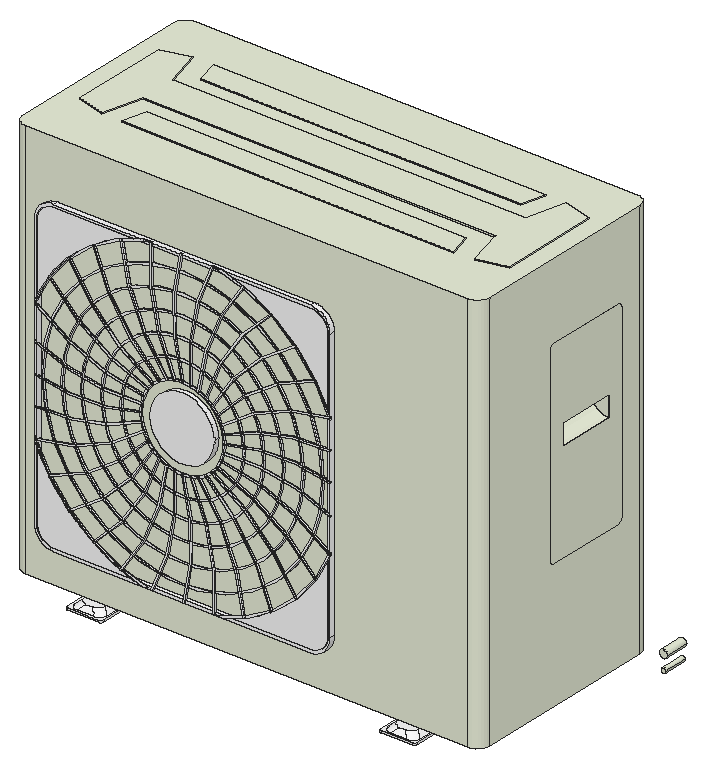
Revit family "ККБ REA I2 10 инвертор", category Оборудование, Revit 2022
Family settings
  Размер круглого соединителя = Использовать радиус
  Тип детали = Нормальный
  Номер OmniClass = 23.75.00.00
  Заголовок OmniClass = Climate Control (HVAC)
  На основе рабочей плоскости = Нет
  Всегда вертикально = Да
  При загрузке вырезать с полостями = Нет
  Сохранять ориентацию аннотаций = Нет
  Общий = Нет
  Точка принадлежности помещению = Нет
Parameters (values of type "ККБ REA I2 10 инвертор")
  Отметка по умолчанию = 0.000 mm
  clearance access right = 600.000 mm
  clearance access left = 300.000 mm
  clearance access front = 2000.000 mm
  clearance access behind = 300.000 mm
  clearance [instance] = no
  Width = 950.000 mm
  Series = "CCU"
  Power supply = "220-240V 1Ph~50Hz/60Hz"
  Net Weight = 59.50 kg
  Группа модели = "ККБ REA I2 10 инвертор"
  Minimum Circuit Amps = 28.75 A
  Min cable selection (power wiring) = "3×4 mm2"
  Maximum Fuse Amps = 32 A
  Изготовитель = "WAER"  # constant formula
  Liquid pipe Radius = 0.5 * Liquid pipe  # 4.765 mm
  Liquid pipe = 9.530 mm
  Installation = "Outdoor installation"
  Height = 840.000 mm
  Heating Power Input = 3.15 kW
  Heating Capacity = 12.00 kW
  Gas pipe Radius = 0.5 * Gas pipe  # 7.950 mm
  Gas pipe = 15.900 mm
  Gas = "R410A"
  Описание = "High efficiency air cooled"
  Depth = 440.000 mm
  Cooling Power Input = 2.66 kW
  Cooling Capacity = 10.00 kW
  Condensation = "Air"
  Compressor = "1"
  Casing color = "SB2098"
  Air Flow = 5200.00 m³/h
Reference planes
  plane 1 "Center (Front/Back)": y = 0
  plane 2: z = 0
  plane 3 "Center (Left/Right)": x = 0
  plane 4: y = 221
  plane 5: y = -139
  plane 6: x = -473
  plane 7: x = 473
  plane 8: z = 406.5
  plane 9: z = 300.608
  plane 10: z = 840
  plane 11: x = 557
Forms (mm)
  Extrusion 1, solid, material "Galvanized Steel", detail levels medium+fine
    sketch origin (-463, 0, 789) x (1, 0, 0) y (0, 1, 0)
      loop
        line (911, 240) -> (15, 240)
        arc (15, 240) -> (-2.678, 232.678) -> (-10, 215) r 25
        line (-10, 215) -> (-10, -165)
        arc (-10, -165) -> (-2.678, -182.678) -> (15, -190) r 25
        line (15, -190) -> (911, -190)
        arc (911, -190) -> (928.678, -182.678) -> (936, -165) r 25
        line (936, -165) -> (936, 215)
        arc (936, 215) -> (928.678, 232.678) -> (911, 240) r 25
    from -765 to 49
  Extrusion 2, void
    sketch origin (0, 0, 0) x (1, 0, 0) y (0, 0, 1)
      loop
        circle (-122.999, 406.499) r 286
    from 100 to 177
  Extrusion 3, solid, material "Galvanized Steel", detail levels fine
    sketch origin (0, 20, 0) x (1, 0, 0) y (0, 1, 0)
      loop
        line (-436.632, 111.286) -> (-436.632, -88.714) -> (-378.677, -104.243) -> (-357.971, -26.969) -> (0, -26.969) -> (357.971, -26.969) -> (378.677, -104.243) -> (436.632, -88.714) -> (436.632, 111.286) -> (378.677, 126.816) -> (357.971, 49.542) -> (0, 49.542) -> (-357.971, 49.542) -> (-378.677, 126.816) -> (-436.632, 111.286)
      loop
        line (-337.266, 126.816) -> (-324.511, 79.213) -> (0, 79.213) -> (324.511, 79.213) -> (337.266, 126.816) -> (0, 126.816) -> (-337.266, 126.816)
      loop
        line (-337.266, -106.816) -> (0, -106.816) -> (337.266, -106.816) -> (324.511, -59.213) -> (0, -59.213) -> (-324.511, -59.213) -> (-337.266, -106.816)
    from 838 to 840
  Extrusion 4, solid, material "Galvanized Steel", detail levels fine
    sketch origin (0, 5, 0) x (0, 1, 0) y (0, 0, 1)
      loop
        arc (-8.433, 685.069) -> (-15.504, 682.14) -> (-18.433, 675.069) r 10
        line (-18.433, 675.069) -> (-18.433, 295.069)
        arc (-18.433, 295.069) -> (-15.504, 287.998) -> (-8.433, 285.069) r 10
        line (-8.433, 285.069) -> (151.567, 285.069)
        arc (151.567, 285.069) -> (158.638, 287.998) -> (161.567, 295.069) r 10
        line (161.567, 295.069) -> (161.567, 675.069)
        arc (161.567, 675.069) -> (158.638, 682.14) -> (151.567, 685.069) r 10
        line (151.567, 685.069) -> (-8.433, 685.069)
    from 473 to 475
  Extrusion 5, solid, material "Galvanized Steel", detail levels fine
    sketch origin (-473, 221, 810) x (1, 0, 0) y (0, 0, -1)
      loop
        line (721.211, 499.033) -> (721.211, 179.033)
        arc (721.211, 179.033) -> (811.211, 89.033) -> (901.211, 179.033) r 90
        line (901.211, 179.033) -> (901.211, 499.033)
        arc (901.211, 499.033) -> (811.211, 589.033) -> (721.211, 499.033) r 90
    from -362 to -360
  Extrusion 6, void
    sketch origin (-438, -141, 810) x (1, 0, 0) y (0, 0, -1)
      loop
        line (731.52, 217.5) -> (811.52, 217.5) -> (811.52, 257.5) -> (731.52, 257.5) -> (731.52, 217.5)
    from 0 to 30.666
  Extrusion 7, void
    sketch origin (2, 0, 0) x (1, 0, 0) y (0, 0, 1)
      loop
        line (446.25, 532.035) -> (428.211, 532.035)
        arc (428.211, 532.035) -> (441.329, 500.364) -> (473, 487.246) r 44.789
        line (473, 487.246) -> (473, 532.035) -> (446.25, 532.035)
    from -137.024 to -16.461
  Extrusion 8, solid, material "Galvanized Steel"
    sketch origin (610.133, -190, 799) x (-1, 0, 0) y (0, 0, -1)
      loop
        circle (30.982, 736.541) r 4.765
    from -381 to -333.512
  Extrusion 9, solid, material "Galvanized Steel"
    sketch origin (610.133, -190, 829) x (-1, 0, 0) y (0, 0, -1)
      loop
        circle (30.982, 736.541) r 7.95
    from -381 to -333.512
Cuts and joins
  Extrusion 2, Extrusion 6, Extrusion 7 cuts Extrusion 1
  Extrusion 6 cuts Extrusion 5
  Extrusion 7 cuts Extrusion 4
Lines and regions (mm)
  model lines
    curve 1: line (-473, 221, 24) -> (-473, -139, 24)
    curve 2: line (473, 221, 24) -> (-473, 221, 24)
    curve 3: line (473, -139, 24) -> (473, 221, 24)
    curve 4: line (-473, -139, 24) -> (473, -139, 24)
    curve 5: line (473, 221, 838) -> (473, 221, 24)
    curve 6: line (-473, 221, 24) -> (-473, 221, 838)
    curve 7: line (625.133, -190, 838) -> (625.133, -190, 24)
    curve 8: line (-320.867, -190, 24) -> (-320.867, -190, 838)
    curve 9: line (473, -139, 838) -> (473, 221, 838)
    curve 10: line (473, 221, 838) -> (-473, 221, 838)
    curve 11: line (-473, 221, 838) -> (-473, -139, 838)
    curve 12: line (-473, -139, 838) -> (473, -139, 838)
Dimensions and locks
  aligned and locked: level to plane 2
Nested families
  nested 1: "xiaodijia2" at (318, 20, 0), type "xiaodijia2", detail levels medium+fine
  nested 2: "xiaodijia2" at (-318, 20, 0), type "xiaodijia2", detail levels medium+fine
  nested 3: "fengkou300（fangxing2）" at (-123, -200, 406.5) x (1, 0, 0) z (0, 1, 0), type "fengkou300（fangxing2）", detail levels medium+fine
  nested 4: "fengshan270" at (-122.996, -125, 406.5) x (0, 0, 1) z (0, -1, 0), type "fengshan270", detail levels fine
  nested 5: "service space" at (473, -200, 0), Height <- "Height", visible <- "clearance", type "Midea Service  Space"
    with Width 600.000 mm, Height 840.000 mm, Depth 440.000 mm
  nested 6: "service space" at (-773, -200, 0), Height <- "Height", visible <- "clearance", type "Midea Service  Space"
    with Width 300.000 mm, Height 840.000 mm, Depth 440.000 mm
  nested 7: "service space" at (-473, 240, 0), Height <- "Height", visible <- "clearance", type "Midea Service  Space"
    with Width 946.000 mm, Height 840.000 mm, Depth 300.000 mm
  nested 8: "service space" at (-473, -2200, 0), Height <- "Height", visible <- "clearance", type "Midea Service  Space"
    with Width 946.000 mm, Height 840.000 mm, Depth 2000.000 mm
Connectors
  electrical at (333.52, -141, 572.5)
    settings: on cut or joined group of Extrusion 5, Extrusion 6, index 1, voltage 220 V, apparent load 0 VA, apparent load phase1 0 VA, apparent load phase2 0 VA, apparent load phase3 0 VA, power factor 1, load classification "HVAC", number of poles 1, system type 30, power factor state 1, is connector primary yes, connector utility no, sub classification motor no, connector description ""
  piping at (579.151, 191, 62.459), diameter 9.53, driven by "Liquid pipe Radius"
    settings: on Extrusion 8, index 2, connector inside diameter 0.3752", connector length 0.000 mm, flow factor 0, pipe flow 0 GPM, pressure drop 0.00 psi, fitting loss kfactor 0, connector angle 0.00°, fixture units 0, engagement length 0.000 mm, angle of deflection 0.00°, flow configuration 0, flow direction 0, fitting loss method 0, system type 7, joint type 0, gender type 0, connector reference index -1, connector utility 0, adjustable connector no, is connector primary yes, connector description ""
  piping at (579.151, 191, 92.459), diameter 15.9, driven by "Gas pipe Radius"
    settings: on Extrusion 9, index 3, connector inside diameter 0.62598", connector length 0.000 mm, flow factor 0, pipe flow 0 GPM, pressure drop 0.00 psi, fitting loss kfactor 0, connector angle 0.00°, fixture units 0, engagement length 0.000 mm, angle of deflection 0.00°, flow configuration 0, flow direction 0, fitting loss method 0, system type 8, joint type 0, gender type 0, connector reference index -1, connector utility 0, adjustable connector no, is connector primary no, connector description ""
Definition of nested family "xiaodijia2"
  Parameters
    Default Elevation = 0.000 mm
  Reference planes
    plane 1 "Center (Front/Back)": y = 0
    plane 2: z = 0
    plane 3 "Center (Left/Right)": x = 0
    plane 4: y = 227
    plane 5: x = -36.5
    plane 6: x = 36.5
    plane 7: z = 12
    plane 8: z = 3
    plane 9: z = 24
    plane 10: y = -20
    plane 11: y = 20
    plane 12: x = 21.5
    plane 13: x = -21.5
    plane 14: y = 190
    plane 15: y = -190
    plane 16: x = -6
    plane 17: x = 6
    plane 18: y = -186
    plane 19: y = -194
  Forms (mm)
    Blend 1, solid
      base sketch origin (0, 0, 0) x (1, 0, 0) y (0, 1, 0)
        loop
          line (6.5, 212) -> (-6.5, 212)
          arc (-6.5, 212) -> (-17.107, 207.607) -> (-21.5, 197) r 15
          line (-21.5, 197) -> (-21.5, -197)
          arc (-21.5, -197) -> (-17.107, -207.607) -> (-6.5, -212) r 15
          line (-6.5, -212) -> (6.5, -212)
          arc (6.5, -212) -> (17.107, -207.607) -> (21.5, -197) r 15
          line (21.5, -197) -> (21.5, 197)
          arc (21.5, 197) -> (17.107, 207.607) -> (6.5, 212) r 15
      top sketch origin (0, 0, 0) x (1, 0, 0) y (0, 1, 0)
        loop
          line (26.5, 222) -> (-26.5, 222)
          arc (-26.5, 222) -> (-30.036, 220.536) -> (-31.5, 217) r 5
          line (-31.5, 217) -> (-31.5, -207)
          arc (-31.5, -207) -> (-27.107, -217.607) -> (-16.5, -222) r 15
          line (-16.5, -222) -> (16.5, -222)
          arc (16.5, -222) -> (27.107, -217.607) -> (31.5, -207) r 15
          line (31.5, -207) -> (31.5, 217)
          arc (31.5, 217) -> (30.036, 220.536) -> (26.5, 222) r 5
      from 12 to 3
    Blend 2, void
      base sketch origin (0, 0, 0) x (1, 0, 0) y (0, 1, 0)
        loop
          line (6.5, 202) -> (-6.5, 202)
          arc (-6.5, 202) -> (-10.036, 200.536) -> (-11.5, 197) r 5
          line (-11.5, 197) -> (-11.5, -197)
          arc (-11.5, -197) -> (-10.036, -200.536) -> (-6.5, -202) r 5
          line (-6.5, -202) -> (6.5, -202)
          arc (6.5, -202) -> (10.036, -200.536) -> (11.5, -197) r 5
          line (11.5, -197) -> (11.5, 197)
          arc (11.5, 197) -> (10.036, 200.536) -> (6.5, 202) r 5
      top sketch origin (0, 0, 0) x (1, 0, 0) y (0, 1, 0)
        loop
          line (31.5, -207) -> (31.5, 217)
          arc (31.5, 217) -> (30.036, 220.536) -> (26.5, 222) r 5
          line (26.5, 222) -> (-26.5, 222)
          arc (-26.5, 222) -> (-30.036, 220.536) -> (-31.5, 217) r 5
          line (-31.5, 217) -> (-31.5, -207)
          arc (-31.5, -207) -> (-27.107, -217.607) -> (-16.5, -222) r 15
          line (-16.5, -222) -> (16.5, -222)
          arc (16.5, -222) -> (27.107, -217.607) -> (31.5, -207) r 15
      from 8.355 to 3
    Extrusion 3, solid
      sketch origin (0, 0, 0) x (1, 0, 0) y (0, 1, 0)
        loop
          arc (-31.5, 227) -> (-35.036, 225.536) -> (-36.5, 222) r 5
          line (-36.5, 222) -> (-36.5, -222)
          arc (-36.5, -222) -> (-35.036, -225.536) -> (-31.5, -227) r 5
          line (-31.5, -227) -> (31.5, -227)
          arc (31.5, -227) -> (35.036, -225.536) -> (36.5, -222) r 5
          line (36.5, -222) -> (36.5, 222)
          arc (36.5, 222) -> (35.036, 225.536) -> (31.5, 227) r 5
          line (31.5, 227) -> (-31.5, 227)
        loop
          arc (-26.5, 222) -> (-30.036, 220.536) -> (-31.5, 217) r 5
          line (-31.5, 217) -> (-31.5, -207)
          arc (-31.5, -207) -> (-27.107, -217.607) -> (-16.5, -222) r 15
          line (-16.5, -222) -> (16.5, -222)
          arc (16.5, -222) -> (27.107, -217.607) -> (31.5, -207) r 15
          line (31.5, -207) -> (31.5, 217)
          arc (31.5, 217) -> (30.036, 220.536) -> (26.5, 222) r 5
          line (26.5, 222) -> (-26.5, 222)
      from 0 to 3
    Extrusion 4, solid
      sketch origin (0, 0, 0) x (0, 1, 0) y (0, 0, 1)
        loop
          arc (-19.275, 24) -> (-19.902, 23.667) -> (-20.264, 23.056) r 1.312
          line (-20.264, 23.056) -> (-22.833, 13.434)
          arc (-22.833, 13.434) -> (-23.437, 12.605) -> (-24.266, 12) r 3.318
          line (-24.266, 12) -> (24.266, 12)
          arc (24.266, 12) -> (23.437, 12.605) -> (22.833, 13.434) r 3.318
          line (22.833, 13.434) -> (20.264, 23.056)
          arc (20.264, 23.056) -> (19.902, 23.667) -> (19.275, 24) r 1.312
          line (19.275, 24) -> (-19.275, 24)
      from -21.5 to 21.5
    Extrusion 5, solid
      sketch origin (0, 150, 0) x (0, 1, 0) y (0, 0, 1)
        loop
          arc (-19.275, 24) -> (-19.902, 23.667) -> (-20.264, 23.056) r 1.312
          line (-20.264, 23.056) -> (-22.833, 13.434)
          arc (-22.833, 13.434) -> (-23.437, 12.605) -> (-24.266, 12) r 3.318
          line (-24.266, 12) -> (24.266, 12)
          arc (24.266, 12) -> (23.437, 12.605) -> (22.833, 13.434) r 3.318
          line (22.833, 13.434) -> (20.264, 23.056)
          arc (20.264, 23.056) -> (19.902, 23.667) -> (19.275, 24) r 1.312
          line (19.275, 24) -> (-19.275, 24)
      from -21.5 to 21.5
    Extrusion 6, solid
      sketch origin (0, -150, 0) x (0, 1, 0) y (0, 0, 1)
        loop
          arc (-19.275, 24) -> (-19.902, 23.667) -> (-20.264, 23.056) r 1.312
          line (-20.264, 23.056) -> (-22.833, 13.434)
          arc (-22.833, 13.434) -> (-23.437, 12.605) -> (-24.266, 12) r 3.318
          line (-24.266, 12) -> (24.266, 12)
          arc (24.266, 12) -> (23.437, 12.605) -> (22.833, 13.434) r 3.318
          line (22.833, 13.434) -> (20.264, 23.056)
          arc (20.264, 23.056) -> (19.902, 23.667) -> (19.275, 24) r 1.312
          line (19.275, 24) -> (-19.275, 24)
      from -21.5 to 21.5
    Extrusion 7, void
      sketch origin (0, 0, 0) x (1, 0, 0) y (0, 1, 0)
        loop
          arc (-6, -186) -> (-10, -190) -> (-6, -194) r 4
          line (-6, -194) -> (6, -194)
          arc (6, -194) -> (10, -190) -> (6, -186) r 4
          line (6, -186) -> (-6, -186)
        loop
          line (-6, 186) -> (6, 186)
          arc (6, 186) -> (10, 190) -> (6, 194) r 4
          line (6, 194) -> (-6, 194)
          arc (-6, 194) -> (-10, 190) -> (-6, 186) r 4
      from 0 to 20
  Cuts and joins
    Blend 2, Extrusion 7 cuts Blend 1
  Dimensions and locks
    aligned and locked: level to plane 2
Definition of nested family "fengkou300（fangxing2）"
  Parameters
    Default Elevation = 0.000 mm
    Series = ""
    Machine material = none
    Installation = ""
    Gas = ""
    Condensation = ""
  Reference planes
    plane 1 "Center (Front/Back)": y = 0
    plane 2: z = 0
    plane 3 "Center (Left/Right)": x = 0
    plane 4: y = 316
    plane 5: y = -316
    plane 6: x = -300
    plane 7: x = 300
    plane 8: through (306.104, -306.102, 1219.2) normal (-0.7071, -0.7071, 0)
    plane 9: through (-306.478, -306.479, 1219.2) normal (0.7071, -0.7071, 0)
  Forms (mm)
    Extrusion 1, solid, material <- "Machine material"
      sketch origin (0, 0, 0) x (1, 0, 0) y (0, 1, 0)
        loop
          arc (-260, 316) -> (-288.284, 304.284) -> (-300, 276) r 40
          line (-300, 276) -> (-300, -276)
          arc (-300, -276) -> (-288.284, -304.284) -> (-260, -316) r 40
          line (-260, -316) -> (260, -316)
          arc (260, -316) -> (288.284, -304.284) -> (300, -276) r 40
          line (300, -276) -> (300, 276)
          arc (300, 276) -> (288.284, 304.284) -> (260, 316) r 40
          line (260, 316) -> (-260, 316)
        loop
          line (260, 311) -> (-260, 311)
          arc (-260, 311) -> (-284.749, 300.749) -> (-295, 276) r 35
          line (-295, 276) -> (-295, -276)
          arc (-295, -276) -> (-284.749, -300.749) -> (-260, -311) r 35
          line (-260, -311) -> (260, -311)
          arc (260, -311) -> (284.749, -300.749) -> (295, -276) r 35
          line (295, -276) -> (295, 276)
          arc (295, 276) -> (284.749, 300.749) -> (260, 311) r 35
      from 0 to 10
    Extrusion 2, solid, material <- "Machine material"
      sketch origin (-1059.446, 0, 0) x (1, 0, 0) y (0, 1, 0)
        loop
          arc (1057.944, 325.999) -> (1075.678, 204.494) -> (1057.944, 82.989) r 425.111
          line (1057.944, 82.989) -> (1060.944, 82.989)
          arc (1060.944, 82.989) -> (1079.329, 204.494) -> (1060.944, 325.999) r 410.684
          line (1060.944, 325.999) -> (1057.944, 325.999)
        loop
          arc (1060.948, -325.999) -> (1043.214, -204.494) -> (1060.948, -82.989) r 425.111
          line (1060.948, -82.989) -> (1057.948, -82.989)
          arc (1057.948, -82.989) -> (1039.562, -204.494) -> (1057.948, -325.999) r 410.684
          line (1057.948, -325.999) -> (1060.948, -325.999)
        loop
          arc (1385.445, 1.502) -> (1263.939, -16.232) -> (1142.434, 1.502) r 425.111
          line (1142.434, 1.502) -> (1142.434, -1.498)
          arc (1142.434, -1.498) -> (1263.939, -19.884) -> (1385.445, -1.498) r 410.684
          line (1385.445, -1.498) -> (1385.445, 1.502)
        loop
          arc (733.447, -1.502) -> (854.952, 16.232) -> (976.457, -1.502) r 425.111
          line (976.457, -1.502) -> (976.457, 1.498)
          arc (976.457, 1.498) -> (854.952, 19.884) -> (733.447, 1.498) r 410.684
          line (733.447, 1.498) -> (733.447, -1.502)
        loop
          arc (1288.9, 231.578) -> (1215.522, 133.121) -> (1117.065, 59.744) r 425.111
          line (1117.065, 59.744) -> (1119.187, 57.623)
          arc (1119.187, 57.623) -> (1218.105, 130.539) -> (1291.021, 229.457) r 410.684
          line (1291.021, 229.457) -> (1288.9, 231.578)
        loop
          arc (829.992, -231.578) -> (903.369, -133.121) -> (1001.826, -59.744) r 425.111
          line (1001.826, -59.744) -> (999.705, -57.623)
          arc (999.705, -57.623) -> (900.787, -130.539) -> (827.871, -229.457) r 410.684
          line (827.871, -229.457) -> (829.992, -231.578)
        loop
          arc (1291.024, -229.454) -> (1192.567, -156.077) -> (1119.19, -57.62) r 425.111
          line (1119.19, -57.62) -> (1117.068, -59.741)
          arc (1117.068, -59.741) -> (1189.985, -158.659) -> (1288.903, -231.575) r 410.684
          line (1288.903, -231.575) -> (1291.024, -229.454)
        loop
          arc (827.868, 229.454) -> (926.325, 156.077) -> (999.702, 57.62) r 425.111
          line (999.702, 57.62) -> (1001.823, 59.741)
          arc (1001.823, 59.741) -> (928.907, 158.659) -> (829.989, 231.575) r 410.684
          line (829.989, 231.575) -> (827.868, 229.454)
        loop
          arc (1182.812, 301.758) -> (1152.699, 182.716) -> (1089.816, 77.246) r 425.111
          line (1089.816, 77.246) -> (1092.588, 76.098)
          arc (1092.588, 76.098) -> (1156.072, 181.318) -> (1185.584, 300.61) r 410.684
          line (1185.584, 300.61) -> (1182.812, 301.758)
        loop
          arc (936.079, -301.758) -> (966.193, -182.716) -> (1029.075, -77.246) r 425.111
          line (1029.075, -77.246) -> (1026.304, -76.098)
          arc (1026.304, -76.098) -> (962.819, -181.318) -> (933.308, -300.61) r 410.684
          line (933.308, -300.61) -> (936.079, -301.758)
        loop
          arc (1361.204, -123.366) -> (1242.162, -93.253) -> (1136.692, -30.371) r 425.111
          line (1136.692, -30.371) -> (1135.544, -33.142)
          arc (1135.544, -33.142) -> (1240.764, -96.626) -> (1360.056, -126.138) r 410.684
          line (1360.056, -126.138) -> (1361.204, -123.366)
        loop
          arc (757.687, 123.366) -> (876.73, 93.253) -> (982.199, 30.371) r 425.111
          line (982.199, 30.371) -> (983.347, 33.142)
          arc (983.347, 33.142) -> (878.127, 96.626) -> (758.835, 126.138) r 410.684
          line (758.835, 126.138) -> (757.687, 123.366)
        loop
          arc (1360.054, 126.142) -> (1254.585, 63.26) -> (1135.542, 33.146) r 425.111
          line (1135.542, 33.146) -> (1136.69, 30.375)
          arc (1136.69, 30.375) -> (1255.982, 59.886) -> (1361.203, 123.37) r 410.684
          line (1361.203, 123.37) -> (1360.054, 126.142)
        loop
          arc (758.837, -126.142) -> (864.307, -63.26) -> (983.349, -33.146) r 425.111
          line (983.349, -33.146) -> (982.201, -30.375)
          arc (982.201, -30.375) -> (862.909, -59.886) -> (757.689, -123.37) r 410.684
          line (757.689, -123.37) -> (758.837, -126.142)
        loop
          arc (1185.588, -300.609) -> (1122.706, -195.139) -> (1092.592, -76.097) r 425.111
          line (1092.592, -76.097) -> (1089.82, -77.245)
          arc (1089.82, -77.245) -> (1119.332, -196.537) -> (1182.816, -301.757) r 410.684
          line (1182.816, -301.757) -> (1185.588, -300.609)
        loop
          arc (933.304, 300.609) -> (996.186, 195.139) -> (1026.3, 76.097) r 425.111
          line (1026.3, 76.097) -> (1029.071, 77.245)
          arc (1029.071, 77.245) -> (999.56, 196.537) -> (936.075, 301.757) r 410.684
          line (936.075, 301.757) -> (933.304, 300.609)
        loop
          arc (1121.572, 320.028) -> (1115.261, 197.398) -> (1074.163, 81.687) r 425.111
          line (1074.163, 81.687) -> (1077.105, 81.102)
          arc (1077.105, 81.102) -> (1118.842, 196.685) -> (1124.514, 319.443) r 410.684
          line (1124.514, 319.443) -> (1121.572, 320.028)
        loop
          arc (997.32, -320.028) -> (1003.631, -197.398) -> (1044.729, -81.687) r 425.111
          line (1044.729, -81.687) -> (1041.786, -81.102)
          arc (1041.786, -81.102) -> (1000.049, -196.685) -> (994.378, -319.443) r 410.684
          line (994.378, -319.443) -> (997.32, -320.028)
        loop
          arc (1379.474, -62.126) -> (1256.843, -55.815) -> (1141.133, -14.717) r 425.111
          line (1141.133, -14.717) -> (1140.548, -17.659)
          arc (1140.548, -17.659) -> (1256.131, -59.396) -> (1378.888, -65.068) r 410.684
          line (1378.888, -65.068) -> (1379.474, -62.126)
        loop
          arc (739.418, 62.126) -> (862.048, 55.815) -> (977.759, 14.717) r 425.111
          line (977.759, 14.717) -> (978.344, 17.659)
          arc (978.344, 17.659) -> (862.761, 59.396) -> (740.003, 65.068) r 410.684
          line (740.003, 65.068) -> (739.418, 62.126)
        loop
          arc (1329.669, 182.364) -> (1238.494, 100.114) -> (1127.614, 47.355) r 425.111
          line (1127.614, 47.355) -> (1129.28, 44.861)
          arc (1129.28, 44.861) -> (1240.523, 97.078) -> (1331.336, 179.87) r 410.684
          line (1331.336, 179.87) -> (1329.669, 182.364)
        loop
          arc (789.222, -182.364) -> (880.397, -100.114) -> (991.278, -47.355) r 425.111
          line (991.278, -47.355) -> (989.611, -44.861)
          arc (989.611, -44.861) -> (878.369, -97.078) -> (787.556, -179.87) r 410.684
          line (787.556, -179.87) -> (789.222, -182.364)
        loop
          arc (1241.81, -270.223) -> (1159.56, -179.048) -> (1106.801, -68.168) r 425.111
          line (1106.801, -68.168) -> (1104.306, -69.835)
          arc (1104.306, -69.835) -> (1156.524, -181.077) -> (1239.316, -271.89) r 410.684
          line (1239.316, -271.89) -> (1241.81, -270.223)
        loop
          arc (877.082, 270.223) -> (959.332, 179.048) -> (1012.091, 68.168) r 425.111
          line (1012.091, 68.168) -> (1014.585, 69.835)
          arc (1014.585, 69.835) -> (962.368, 181.077) -> (879.576, 271.89) r 410.684
          line (879.576, 271.89) -> (877.082, 270.223)
        loop
          arc (1239.312, 271.893) -> (1186.553, 161.012) -> (1104.303, 69.837) r 425.111
          line (1104.303, 69.837) -> (1106.797, 68.17)
          arc (1106.797, 68.17) -> (1189.589, 158.984) -> (1241.806, 270.226) r 410.684
          line (1241.806, 270.226) -> (1239.312, 271.893)
        loop
          arc (879.58, -271.893) -> (932.339, -161.012) -> (1014.589, -69.837) r 425.111
          line (1014.589, -69.837) -> (1012.094, -68.17)
          arc (1012.094, -68.17) -> (929.303, -158.984) -> (877.085, -270.226) r 410.684
          line (877.085, -270.226) -> (879.58, -271.893)
        loop
          arc (1331.338, -179.866) -> (1220.458, -127.107) -> (1129.283, -44.857) r 425.111
          line (1129.283, -44.857) -> (1127.616, -47.351)
          arc (1127.616, -47.351) -> (1218.429, -130.143) -> (1329.672, -182.361) r 410.684
          line (1329.672, -182.361) -> (1331.338, -179.866)
        loop
          arc (787.553, 179.866) -> (898.434, 127.107) -> (989.609, 44.857) r 425.111
          line (989.609, 44.857) -> (991.275, 47.351)
          arc (991.275, 47.351) -> (900.462, 130.143) -> (789.22, 182.361) r 410.684
          line (789.22, 182.361) -> (787.553, 179.866)
        loop
          arc (1378.887, 65.072) -> (1263.177, 23.975) -> (1140.547, 17.664) r 425.111
          line (1140.547, 17.664) -> (1141.132, 14.721)
          arc (1141.132, 14.721) -> (1263.889, 20.393) -> (1379.473, 62.13) r 410.684
          line (1379.473, 62.13) -> (1378.887, 65.072)
        loop
          arc (740.004, -65.072) -> (855.715, -23.975) -> (978.345, -17.664) r 425.111
          line (978.345, -17.664) -> (977.76, -14.721)
          arc (977.76, -14.721) -> (855.002, -20.393) -> (739.419, -62.13) r 410.684
          line (739.419, -62.13) -> (740.004, -65.072)
        loop
          arc (1124.518, -319.442) -> (1083.42, -203.731) -> (1077.109, -81.101) r 425.111
          line (1077.109, -81.101) -> (1074.167, -81.686)
          arc (1074.167, -81.686) -> (1079.839, -204.444) -> (1121.576, -320.027) r 410.684
          line (1121.576, -320.027) -> (1124.518, -319.442)
        loop
          arc (994.373, 319.442) -> (1035.471, 203.731) -> (1041.782, 81.101) r 425.111
          line (1041.782, 81.101) -> (1044.725, 81.686)
          arc (1044.725, 81.686) -> (1039.053, 204.444) -> (997.316, 320.027) r 410.684
          line (997.316, 320.027) -> (994.373, 319.442)
      from 0 to 2
    Extrusion 3, solid, material <- "Machine material"
      sketch origin (-1059.446, 0, 0) x (1, 0, 0) y (0, 1, 0)
        loop
          circle (1059.448, 0) r 65
      from 0 to 20
    Extrusion 4, solid, material <- "Machine material"
      sketch origin (0, 0, 0) x (1, 0, 0) y (0, 1, 0)
        loop
          circle (0, 0.002) r 326
        loop
          circle (0, 0.002) r 323
        loop
          circle (0, 0.002) r 286
        loop
          circle (0, 0.002) r 283
        loop
          circle (0, 0.002) r 246
        loop
          circle (0, 0.002) r 243
        loop
          circle (0, 0.002) r 206
        loop
          circle (0, 0.002) r 203
        loop
          circle (0, 0.002) r 166
        loop
          circle (0, 0.002) r 163
        loop
          circle (0, 0.002) r 126
        loop
          circle (0, 0.002) r 123
        loop
          circle (0, 0.002) r 86
        loop
          circle (0, 0.002) r 83
      from 0 to 2
    Extrusion 5, void
      sketch origin (0, 0, 0) x (1, 0, 0) y (0, 1, 0)
        loop
          line (260, 316) -> (-260, 316)
          arc (-260, 316) -> (-288.284, 304.284) -> (-300, 276) r 40
          line (-300, 276) -> (-300, -276)
          arc (-300, -276) -> (-288.284, -304.284) -> (-260, -316) r 40
          line (-260, -316) -> (260, -316)
          arc (260, -316) -> (288.284, -304.284) -> (300, -276) r 40
          line (300, -276) -> (300, 276)
          arc (300, 276) -> (288.284, 304.284) -> (260, 316) r 40
        loop
          arc (-260, 416) -> (-358.995, 374.995) -> (-400, 276) r 140
          line (-400, 276) -> (-400, -276)
          arc (-400, -276) -> (-358.995, -374.995) -> (-260, -416) r 140
          line (-260, -416) -> (260, -416)
          arc (260, -416) -> (358.995, -374.995) -> (400, -276) r 140
          line (400, -276) -> (400, 276)
          arc (400, 276) -> (358.995, 374.995) -> (260, 416) r 140
          line (260, 416) -> (-260, 416)
      from 0 to 250
    Extrusion 6, solid, material <- "Machine material"
      sketch origin (0, 0, 0) x (1, 0, 0) y (0, 1, 0)
        loop
          line (-97.757, 311) -> (-260, 311)
          arc (-260, 311) -> (-284.749, 300.749) -> (-295, 276) r 35
          line (-295, 276) -> (-295, 138.75)
          arc (-295, 138.75) -> (-214.434, 245.551) -> (-97.757, 311) r 326
        loop
          arc (-295, -276) -> (-284.749, -300.749) -> (-260, -311) r 35
          line (-260, -311) -> (-97.743, -311)
          arc (-97.743, -311) -> (-214.429, -245.551) -> (-295, -138.746) r 326
          line (-295, -138.746) -> (-295, -276)
        loop
          arc (260, -311) -> (284.749, -300.749) -> (295, -276) r 35
          line (295, -276) -> (295, -138.746)
          arc (295, -138.746) -> (214.429, -245.551) -> (97.743, -311) r 326
          line (97.743, -311) -> (260, -311)
        loop
          arc (295, 276) -> (284.749, 300.749) -> (260, 311) r 35
          line (260, 311) -> (97.757, 311)
          arc (97.757, 311) -> (214.434, 245.551) -> (295, 138.75) r 326
          line (295, 138.75) -> (295, 276)
      from 0 to 2
  Cuts and joins
    Extrusion 5 cuts Extrusion 1
    Extrusion 5 cuts Extrusion 2
    Extrusion 5 cuts Extrusion 4
  Dimensions and locks
    aligned and locked: level to plane 2
Definition of nested family "fengshan270"
  Parameters
    Default Elevation = 0.000 mm
  Reference planes
    plane 1 "Center (Front/Back)": y = 0
    plane 2: z = 0
    plane 3 "Center (Left/Right)": x = 0
  Forms (mm)
    Extrusion 1, solid
      sketch origin (0, 0, 0) x (1, 0, 0) y (0, 1, 0)
        loop
          circle (0, 0) r 50
      from 0 to 30
    Extrusion 2, solid
      sketch origin (-20, 0, 0) x (0, -1, 0) y (1, 0, 0)
        loop
          arc (32.105, 288.084) -> (-94.042, 273.093) -> (-199.371, 202.075) r 270
          arc (-199.371, 202.075) -> (-134.798, 110.882) -> (-35, 60.622) r 231.205
          arc (-35, 60.622) -> (0, 70) -> (35, 60.622) r 70
          arc (35, 60.622) -> (-8.793, 173.814) -> (32.105, 288.084) r 173.918
      from 0 to 30
    Extrusion 3, solid
      sketch origin (20, 0, 0) x (0, 1, 0) y (-1, 0, 0)
        loop
          arc (32.105, 288.084) -> (-94.042, 273.093) -> (-199.371, 202.075) r 270
          arc (-199.371, 202.075) -> (-134.798, 110.882) -> (-35, 60.622) r 231.205
          arc (-35, 60.622) -> (0, 70) -> (35, 60.622) r 70
          arc (35, 60.622) -> (-8.793, 173.814) -> (32.105, 288.084) r 173.918
      from 0 to 30
    Extrusion 4, solid
      sketch origin (0, 0, 0) x (1, 0, 0) y (0, 1, 0)
        loop
          arc (32.105, 268.084) -> (-94.042, 253.093) -> (-199.371, 182.075) r 270
          arc (-199.371, 182.075) -> (-134.798, 90.882) -> (-35, 40.622) r 231.205
          arc (-35, 40.622) -> (0, 50) -> (35, 40.622) r 70
          arc (35, 40.622) -> (-8.793, 153.814) -> (32.105, 268.084) r 173.918
        loop
          arc (199.371, -182.075) -> (134.798, -90.882) -> (35, -40.622) r 231.205
          arc (35, -40.622) -> (0, -50) -> (-35, -40.622) r 70
          arc (-35, -40.622) -> (8.793, -153.814) -> (-32.105, -268.084) r 173.918
          arc (-32.105, -268.084) -> (94.042, -253.093) -> (199.371, -182.075) r 270
      from 0 to 30
  Dimensions and locks
    aligned and locked: level to plane 2
Definition of nested family "service space"
  Parameters
    Default Elevation = 0.000 mm
    Width [instance] = 500.000 mm
    Height [instance] = 500.000 mm
    Depth [instance] = 500.000 mm
  Reference planes
    plane 1 "Center (Front/Back)": y = 0
    plane 2: z = 0
    plane 3 "Center (Left/Right)": x = 0
    plane 4: z = 500
    plane 5: y = 500
    plane 6: x = 500
  Forms (mm)
    Extrusion 1, solid
      sketch origin (0, 0, 0) x (1, 0, 0) y (0, 1, 0)
        loop
          line (0, 500) -> (0, 0) -> (500, 0) -> (500, 500) -> (0, 500)
      from 0 to 500
  Dimensions and locks
    "Width": plane 3 "Center (Left/Right)" to plane 6
    "Depth": plane 5 to plane 1 "Center (Front/Back)"
    "Height": level to plane 4
    aligned and locked: level to plane 2
    aligned and locked: plane 5 to Extrusion 1
    aligned and locked: Extrusion 1 to plane 6
    aligned and locked: Extrusion 1 to plane 3 "Center (Left/Right)"
    aligned and locked: plane 1 "Center (Front/Back)" to Extrusion 1
    aligned and locked: Extrusion 1 to plane 4
  Automatic sketch dimensions
    Extrusion 1 sketch curve to plane 3 "Center (Left/Right)" = 0.000 mm
    plane 1 "Center (Front/Back)" to Extrusion 1 sketch curve = 0.000 mm
    Extrusion 1 sketch curve to plane 6 = 0.000 mm
    Extrusion 1 sketch curve to plane 5 = 0.000 mm
